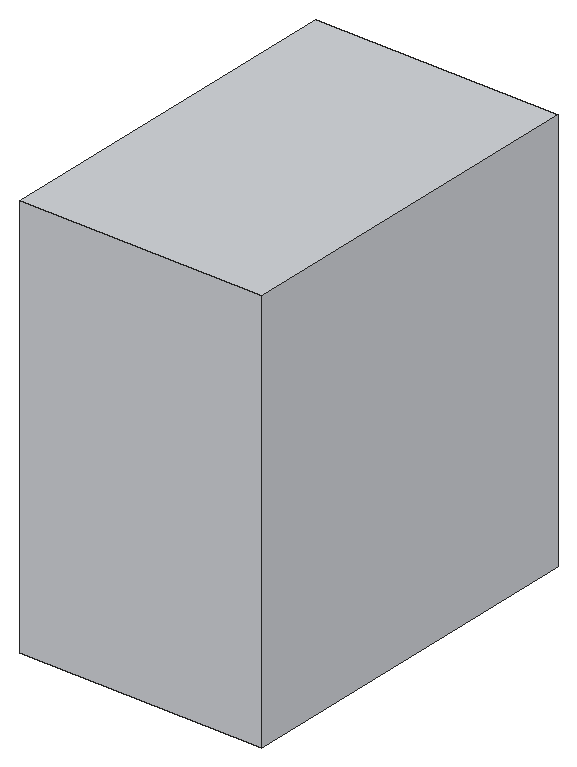
Revit family
Parameters
  Warranty Duration (Years) = 0
  Unit Width [instance] = 1' - 1"
  Unit Height [instance] = 4' - 7"
  Unit Depth = 0' - 0 1/2"
  URL = "http://www.americanspecialties.com/viewCategories.cfm"
  Trim Material = Metal - Stainless Steel
  Test Data = ""
  Specification = "http://www.arcat.com/sdspecs/htm/10810asi.htm"
  SpecWizard = ""
  Send Message = "http://www.arcat.com/users.pl?action=UserEmail&company=American%20Specialties,%20Inc.&coid=30448&rep=139&fax=914-476-0688&mf="
  Sales Information = "http://www.americanspecialties.com/contact"
  Revision = "R1_10-2010"
  Product Properties = "http://www.arcat.com/bim/bim_info.pl?fn=AmericanSpecialties"
  Product Data = "http://www.arcat.com/arcatcos/cos30/arc30448.html"
  Model = "As Specified in 10 28 13"
  Manufacturer Website = "http://www.americanspecialties.com/viewCategories.cfm"
  Manufacturer Phone - Toll Free = ""
  Manufacturer Phone = "914-476-9000 "
  Manufacturer Fax = "914-476-0688"
  Manufacturer Address = "441 Saw Mill River Rd., Yonkers, NY 10701"
  Manufacturer = "American Specialties, Inc."
  Maintenance Schedule (Months) = 0
  Keynote = "10 28 13"
  Installation-Fabrication = "http://www.americanspecialties.com/products.cfm"
  Green Building-LEED = ""
  Expected Lifespan (Years) = 0
  Drawn By = "Robert S. Weygant. CSI, CDT, SCIP"  # constant formula
  Description = "Toilet Accessory as Specified in 10 28 13"
  Default Elevation = 4' - 0"
  Copyright = "©Arcat Inc."
  Construction Details = "http://www.arcat.com/green/clients/leed_data_30448.html"
  Building Codes = "http://www.americanspecialties.com/products.cfm"
  Body Material = Metal - Stainless Steel
  Assembly Code = "C1030210"
Reference planes (in)
  plane 1 "Center (Front/Back)": y = -0.29112
  plane 2 "Floor Line": z = 0
  plane 3 "Center (Left/Right)": x = -0.65843
Forms (in)
  Extrusion 1, solid
    sketch origin (-3, -9, -6) x (0, 0, -1) y (1, 0, 0)
      loop
        line (-82, 26) -> (-82, -19.34712) -> (-6, -19.34712) -> (-6, 26) -> (-82, 26)
    from 28.29112 to -41.06337
  Extrusion 2, solid, material "Metal - Stainless Steel" <- "Body Material"
    sketch origin (0, 0, 6) x (1, 0, 0) y (0, 1, 0)
      loop
        line (-6.15843, 26.20888) -> (-6.15843, -26.79112) -> (4.84157, -26.79112) -> (4.84157, 26.20888) -> (-6.15843, 26.20888)
    from 0 to -6
  Extrusion 3, solid, material "Metal - Stainless Steel" <- "Body Material"
    sketch origin (-0.90625, -0.29112, 6) x (1, 0, 0) y (0, 0, 1)
      loop
        line (-6.25218, 0) -> (6.74782, 0) -> (6.74782, 0.5) -> (-6.25218, 0.5) -> (-6.25218, 0)
    from -27.5 to 27.5
  Extrusion 4, void
    sketch origin (-0.65843, 6.5, 6) x (0, 1, 0) y (0, 0, 1)
      loop
        line (-0.26081, -5.75) -> (2.70888, 0) -> (2.70888, 0.9375) -> (-8.29112, 0.9375) -> (-8.29112, -0.03125) -> (-5.37727, -5.75) -> (-0.26081, -5.75)
    from -5.46875 to 5.46875
  Extrusion 5, void
    sketch origin (-34, 0.66502, 8.66501) x (1, 0, 0) y (0, 0.458881, 0.888498)
      loop
        arc (36.97904, -1.93126) -> (37.16013, -1.67833) -> (36.96657, -1.43482) r 0.2582
        line (36.96657, -1.43482) -> (36.21657, -1.43482)
        arc (36.21657, -1.43482) -> (33.34157, -0.76381) -> (30.46657, -1.43482) r 6.49463
        line (30.46657, -1.43482) -> (29.71657, -1.43482)
        arc (29.71657, -1.43482) -> (29.523, -1.67833) -> (29.70409, -1.93126) r 0.2582
        line (29.70409, -1.93126) -> (30.47904, -1.93126)
        arc (30.47904, -1.93126) -> (33.34157, -2.19871) -> (36.20409, -1.93126) r 15.45277
        line (36.20409, -1.93126) -> (36.97904, -1.93126)
    from -8.81412 to -9.06412
  Extrusion 6, solid, material "Metal - Stainless Steel" <- "Trim Material"
    sketch origin (0, 0, 5.5625) x (1, 0, 0) y (0, 1, 0)
      loop
        circle (-5.15843, -18.79112) r 0.5
      loop
        line (-5.21525, -18.37247) -> (-5.21525, -19.22198) -> (-5.10162, -19.22198) -> (-5.10162, -18.37247) -> (-5.21525, -18.37247)
      loop
        circle (-5.15843, 18.20888) r 0.5
      loop
        line (-5.21525, 17.79024) -> (-5.10162, 17.79024) -> (-5.10162, 18.63975) -> (-5.21525, 18.63975) -> (-5.21525, 17.79024)
    from 0.9375 to 1
  Extrusion 7, solid, material "Metal - Stainless Steel" <- "Body Material"
    sketch origin (0, 0, 4) x (1, 0, 0) y (0, 1, 0)
      loop
        line (-7.15843, 27.20888) -> (-7.15843, -27.79112) -> (5.84157, -27.79112) -> (5.84157, 27.20888) -> (-7.15843, 27.20888)
      loop
        line (-6.15843, 26.20888) -> (-6.15843, -26.79112) -> (4.84157, -26.79112) -> (4.84157, 26.20888) -> (-6.15843, 26.20888)
    from -4 to 2
Cuts and joins
  Extrusion 4, Extrusion 5 cuts Extrusion 2
  Extrusion 4 cuts Extrusion 3
  Extrusion 4 cuts Extrusion 6
  Extrusion 4 cuts Extrusion 7
Dimensions and locks (in)
  Extrusion 3 sketch curve to Extrusion 3 sketch curve = 1' - 1"
  Extrusion 3 sketch curve to Extrusion 3 sketch curve = 0' - 0 1/2"
  aligned and locked: Extrusion 1 to level
